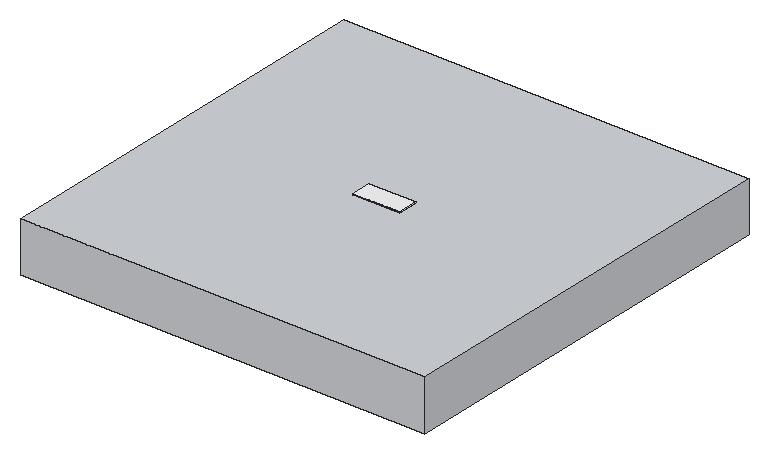
Revit family "Legrand_Emergencia_B65LED_EN", category Luminaires, Revit 2020
Family settings
  Hôte = Face
  Cote de connecteur circulaire = Utiliser le diamètre
  Type d'élément = Normal
  Couper avec des vides une fois chargée = Non
  Source d'éclairage = Oui
  Partagée = Non
  Point de calcul de pièce = Non
Parameters (values of type "B65 LED M-NM 100LM 1H IP55 ADR")
  WIRING_SYSTEM = "Continuous circuit/emergency cicuit"
  WIDTH = "120"
  VOLTAGE_TYPE = "AC"
  built-in parameter 1150107 = 3000 (stored number, unit not read)
  REF_SPARE_BATTERY = "660972"
  RECOGNITION_DISTANCE = ""
  Wattage = 9.2903 W
  built-in parameter 1150110 = 1 (stored number, unit not read)
  built-in parameter 1150109 = 1 (stored number, unit not read)
  built-in parameter 1114218 = 1 (stored number, unit not read)
  built-in parameter 1150113 = 1 (stored number, unit not read)
  built-in parameter 1150112 = 1 (stored number, unit not read)
  PROTECTION_CLASS = "II"
  PRODUCT_FORMAT = "Rectangle"
  POWER_SUPPLY_SYSTEM = "Peripheral (individual battery)"
  OUTER_DIAMETER = ""
  NOMINAL_VOLTAGE_(MIN) = "230"
  NOMINAL_VOLTAGE_(MAX) = "230"
  built-in parameter 1150137 = (empty or 0)
  built-in parameter 1150132 = 2
  MOUNTING_METHOD = "Built-in"
  MONITORING_EQUIPEMENT = "Automatic self test"
  MATERIAL_HOUSING = "Plastic"
  MATERIAL_COVER = "Plastic. opal"
  LUMINOUS_FLUX_AT_EMERGENCY_OPERATION = "100"
  LENGTH = "280"
  LAMP_TYPE = "LED not exchangeable"
  LAMP_POWER = "10"
  LABELLING_TYPE = "Sticker"
  built-in parameter 1150105 = 109.82 (stored number, unit not read)
  built-in parameter 1150102 = (empty or 0)
  HEIGHT/DEPTH = "59.7"
  Gradation des changements de température de couleur de lampe = <Aucun>
  General Conditions of Use = "https://export.legrand.com/en/terms-of-use-BIM-objects"
  Lumens = 1380 lm
  Color Filter = 16777215
  Fichier de distribution photométrique = "662431.ies"
  built-in parameter 1114217 = 1 (stored number, unit not read)
  built-in parameter 1150139 = (empty or 0)
  FUNCTION = "EL unit"
  Default Elevation = 1219.2 mm
  built-in parameter 1150104 = 13.8 (stored number, unit not read)
  built-in parameter 1150106 = 1.0982 (stored number, unit not read)
  built-in parameter 1150115 = 1 (stored number, unit not read)
  built-in parameter 1150114 = 1 (stored number, unit not read)
  DESCRIPTION = "B65 LED M-NM 100LM 1H IP55 ADR"
  DEGREE_OF_PROTECTION_(IP) = "IP65"
  built-in parameter 1150138 = (empty or 0)
  built-in parameter 1150134 = (empty or 0)
  COLOUR_HOUSING = "Grey"
  CATEGORY = "Self-contained"
  BUILT_IN_WIDTH = ""
  BUILT_IN_LENGTH = ""
  BUILT_IN_DIAMETER = ""
  BUILT_IN_DEPTH = ""
  BATTERY_QUALITY = "NiCd"
  BAES_FULL_WARRANTY_PERIOD = "2"
  Angle de l'inclinaison = 90.00°
  AUTONOMY = "1"
  ARTICLE_NUMBER = 662431
  built-in parameter 1150133 = 10 (stored number, unit not read)
Types (8, lengths in mm): name | WIRING_SYSTEM | REF_SPARE_BATTERY | MONITORING_EQUIPEMENT | LUMINOUS_FLUX_AT_EMERGENCY_OPERATION | LAMP_POWER | Fichier de distribution photométrique | DESCRIPTION | BATTERY_QUALITY | AUTONOMY | ARTICLE_NUMBER
  B65 LED M-NM 100LM 1H IP55 STD | "Continuous circuit/emergency cicuit" | "660972" | "None" | "100" | "10" | "661431.ies" | "B65 LED M-NM 100LM 1H IP55 STD" | "NiCd" | "1" | 661431
  B65 LED M-NM 200LM 1H IP55 STD | "Continuous circuit/emergency cicuit" | "660962" | "None" | "200" | "20" | "661433.ies" | "B65 LED M-NM 200LM 1H IP55 STD" | "NiCd" | "1" | 661433
  B65 LED M-NM 350LM 1H IP55 STD | "Continuous circuit/emergency cicuit" | "660962" | "None" | "350" | "35" | "661434.ies" | "B65 LED M-NM 350LM 1H IP55 STD" | "NiCd" | "1" | 661434
  B65 LED M-NM 100LM 3H IP55 STD | "Standby switching" | "660971" | "None" | "100" | "10" | "661440.ies" | "B65 LED M-NM 100LM 3H IP55 STD" | "NiMh" | "3" | 661440
  B65 LED M-NM 100LM 1H IP55 ADR | "Continuous circuit/emergency cicuit" | "660972" | "Automatic self test" | "100" | "10" | "662431.ies" | "B65 LED M-NM 100LM 1H IP55 ADR" | "NiCd" | "1" | 662431
  B65 LED M-NM 200LM 1H IP55 ADR | "Continuous circuit/emergency cicuit" | "660962" | "Automatic self test" | "200" | "20" | "662433.ies" | "B65 LED M-NM 200LM 1H IP55 ADR" | "NiCd" | "1" | 662433
  B65 LED M-NM 350LM 1H IP55 ADR | "Continuous circuit/emergency cicuit" | "660971" | "Automatic self test" | "350" | "35" | "662434.ies" | "B65 LED M-NM 350LM 1H IP55 ADR" | "NiMh" | "1" | 662434
  B65 LED M-NM 100LM 3H IP55 ADR | "Continuous circuit/emergency cicuit" | "660971" | "Automatic self test" | "100" | "10" | "662440.ies" | "B65 LED M-NM 100LM 3H IP55 ADR" | "NiMh" | "3" | 662440
Reference planes
  plane 1 "Centre (avant/arrière)": y = 0
  plane 2: z = 0
  plane 3 "Centre (gauche/droite)": x = 0
  plane 4: x = -140
  plane 5: x = 140
  plane 6: y = 60
  plane 7: y = -60
  plane 8: z = -59.7
Forms (mm)
  Extrusion 1, solid
    sketch origin (0, 0, 0) x (1, 0, 0) y (0, 1, 0)
      loop
        line (-1219.2, 1219.2) -> (-1219.2, -1219.2) -> (1219.2, -1219.2) -> (1219.2, 1219.2) -> (-1219.2, 1219.2)
    from 0 to -304.8
  Extrusion 2, solid, material "Blanc"
    sketch origin (0, 0, 0) x (1, 0, 0) y (0, 1, 0)
      loop
        line (-140, 60) -> (-140, -60) -> (140, -60) -> (140, 60) -> (-140, 60)
    from 5 to 0
  Extrusion 3, solid, material "Blanc"
    sketch origin (0, 0, 0) x (1, 0, 0) y (0, 1, 0)
      loop
        line (-140, 60) -> (-140, -60) -> (140, -60) -> (140, 60) -> (-140, 60)
    from 0 to -59.7
Dimensions and locks
  equal spacing: plane 4, plane 3 "Centre (gauche/droite)", plane 5
  equal spacing: plane 6, plane 1 "Centre (avant/arrière)", plane 7
  locked: plane 4 to plane 5 at 280
  locked: plane 6 to plane 7 at 120
  locked: Extrusion 1 to plane 8 at 59.7
  aligned and locked: plane 2 to Extrusion 1
  aligned and locked: level to Extrusion 1
  aligned and locked: Extrusion 2 sketch curve to plane 6
  aligned and locked: plane 4 to Extrusion 2 sketch curve
  aligned and locked: plane 7 to Extrusion 2 sketch curve
  aligned and locked: Extrusion 2 sketch curve to plane 5
  aligned and locked: level to Extrusion 3
  aligned and locked: Extrusion 2 to level
  aligned and locked: plane 3 "Centre (gauche/droite)" to nested 1
  aligned and locked: plane 1 "Centre (avant/arrière)" to nested 1
Automatic sketch dimensions
  Extrusion 1 sketch curve to Extrusion 1 sketch curve = 2438.4 mm  (x2)
  Extrusion 3 sketch curve to plane 4 = 0 mm
  Extrusion 3 sketch curve to plane 5 = 0 mm
  Extrusion 3 sketch curve to plane 7 = 0 mm
  Extrusion 3 sketch curve to plane 6 = 0 mm
Nested families
  nested 1: "1681808_Porte Pictogramme" at (0, 0, 0), type "1681808_Porte Pictogramme"
Connectors
  electrical at (0, 0, -59.7)
    settings: on Extrusion 3, index 1, voltage 0 V, apparent load 0 VA, apparent load phase1 0 VA, apparent load phase2 0 VA, apparent load phase3 0 VA, power factor 1, load classification "Autre", number of poles 1, system type 31, power factor state 1, is connector primary yes, connector utility no, sub classification motor no, connector description ""
Definition of nested family "1681808_Porte Pictogramme"
  Reference planes
    plane 1 "Centre (avant/arrière)": y = 0
    plane 2: z = 0
    plane 3 "Centre (gauche/droite)": x = 0
  Lines and regions (mm)
    Filled region 1, type "NOIR", in view "Niveau de réf."
      outline origin (0, 0, 0) x (1, 0, 0) y (0, 1, 0)
        loop
          line (103, 52.5) -> (-103, 52.5) -> (-103, -52.5) -> (103, -52.5) -> (103, 52.5)
        loop
          line (98, 47.5) -> (-98, 47.5) -> (-98, -47.5) -> (98, -47.5) -> (98, 47.5)
    model lines, in view "Niveau de réf."
      curve 1: line (103, -52.5, 0) -> (103, 52.5, 0)
      curve 2: line (103, 52.5, 0) -> (-103, 52.5, 0)
      curve 3: line (-103, 52.5, 0) -> (-103, -52.5, 0)
      curve 4: line (-103, -52.5, 0) -> (103, -52.5, 0)
    detail lines, in view "Niveau de réf."
      curve 5: line (98, 47.5, 0) -> (-98, 47.5, 0)
      curve 6: line (-98, 47.5, 0) -> (-98, -47.5, 0)
      curve 7: line (-98, -47.5, 0) -> (98, -47.5, 0)
      curve 8: line (98, -47.5, 0) -> (98, 47.5, 0)
